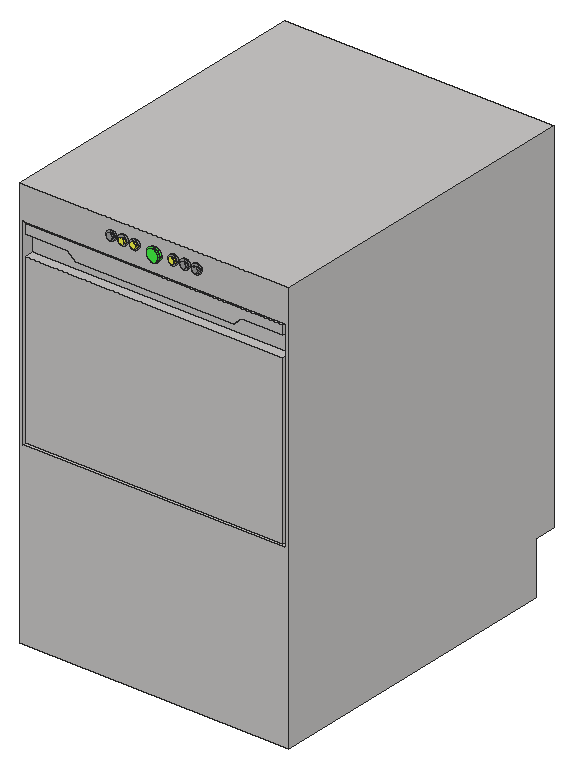
Revit family "QF_ELECTROLUXPROFESSIONAL_402203_ESIGU", category Specialty Equipment, Revit 2018
Family settings
  Round Connector Dimension = Use Diameter
  Part Type = Normal
  Work Plane-Based = No
  Always vertical = Yes
  Cut with Voids When Loaded = No
  Shared = No
  Room Calculation Point = No
Parameters
  Weight = 37.00 kg
  Watts = 0 W
  Volts = 0 V
  URL Manufacturer = ""
  URL = "http://professional.electrolux.com/"
  Steam Supply Size = 0 mm
  Steam Supply Minimum Pressure = 0.0 Pa
  Steam Supply Maximum Pressure = 0.0 Pa
  Steam Pounds per Hour = 0
  Show Logo [instance] = yes
  Show Clearance [instance] = yes
  Refrigeration Suction Line Size = 0 mm
  Refrigeration Liquid Line Size = 0 mm
  Refrigerant Compressor Remote = yes
  Manufacturer = ""
  Phase = 0
  Model = ""
  Length Actual = 460 mm  # constant formula
  Item Number = ""
  Hot Water Size = 0 mm
  Height Actual = 715 mm  # constant formula
  HP = "3.1 HP"
  Gas Size = 0 mm
  Gas KW = 0
  Gas Input Pressure = 0 W
  Direct Waste Size = 27 mm
  Description = ""
  Depth Actual = 565 mm  # constant formula
  Cycle = 0 Hz
  Condensate Return Size = 0 mm
  Compressed Air Volume = 0.0 L/s
  Compressed Air Size = 0 mm
  Compressed Air Pressure = 0.0 Pa
  Cold Water Size = 0 mm
  Accessory = yes
Types (2, lengths in mm): name | Volts | URL Manufacturer | URL | Manufacturer | Phase | Model | Item Number | Description | Cycle | Cold Water Size
  (no name) | 0 V | "" | "http://professional.electrolux.com/" | "" | 0 | "" | "" | "" | 0 Hz | 0
  Standard | 230 V | "http://professional.electrolux.com" | "http://professional.electrolux.com" | "Electrolux Professional" | 1 | "ESIGU" | "402203" | "GLASSWASHER(S) DOUBLE SKIN, DRAIN PUMP, DETERGENT DISPENSER, 30B/H-UK" | 50 Hz | 19.05
Reference planes
  plane 1 "Center (Front/Back)": y = 0
  plane 2: z = 0
  plane 3 "Center (Left/Right)": x = 0
  plane 4 "LEFT": x = -230
  plane 5 "RIGHT": x = 230
  plane 6 "FRONT": y = -282.5
  plane 7 "BACK": y = 282.5
  plane 8: x = -202.5
  plane 9: x = 202.5
  plane 10: z = 715
  plane 11: z = 10
Forms (mm)
  Extrusion 1, solid, material "QF_Finishes_Stainless Steel"
    sketch origin (0, 0, 0) x (1, 0, 0) y (0, 1, 0)
      loop
        line (-230, -282.5) -> (230, -282.5) -> (230, 243.5) -> (-230, 243.5) -> (-230, -282.5)
    from 10 to 715
  Extrusion 2, solid, material "QF_Finishes_Stainless Steel"
    sketch origin (0, 0, 0) x (1, 0, 0) y (0, 1, 0)
      loop
        line (-230, 243.5) -> (230, 243.5) -> (230, 282.5) -> (-230, 282.5) -> (-230, 243.5)
    from 100 to 715
  Extrusion 3, solid, material "QF_Finishes_Stainless Steel"
    sketch origin (0, 0, 0) x (1, 0, 0) y (0, 1, 0)
      loop
        circle (-202.5, 184.5) r 12.5
      loop
        circle (202.5, 184.5) r 12.5
      loop
        circle (-202.5, -235.5) r 12.5
      loop
        circle (202.5, -235.5) r 12.5
    from 0 to 10
  Extrusion 4, void
    sketch origin (-230, -282.5, 0) x (-1, 0, 0) y (0, 0, 1)
      loop
        line (-5, 658.217) -> (-455, 658.217) -> (-455, 315) -> (-5, 315) -> (-5, 658.217)
    from 0 to 30
  Extrusion 5, solid, material "QF_Finishes_Stainless Steel"
    sketch origin (-53, -392, 738) x (0, 0, -1) y (1, 0, 0)
      loop
        circle (693, 213) r 10
    from -635.5 to -674.5
  Extrusion 6, solid, material "QF_Door-Drawer Clearances", visible <- "Show Clearance", detail levels coarse
    sketch origin (-230, -282.5, 0) x (0, 1, 0) y (0, 0, -1)
      loop
        line (0, -315) -> (-315, -315)
        arc (-315, -315) -> (-223.2, -545.869) -> (0, -655) r 344.605
        line (0, -655) -> (0, -315)
    from -10 to -450
  Extrusion 7, solid, material "QF_Finishes_Stainless Steel"
    sketch origin (-242.481, -392, 738) x (0, 0, -1) y (1, 0, 0)
      loop
        circle (663, 322.481) r 8
    from -635.5 to -674.5
  Extrusion 8, solid, material "QF_Finishes_Green"
    sketch origin (234, -282.5, -28.75) x (-1, 0, 0) y (0, 0, -1)
      loop
        circle (234, -714.569) r 10
    from 0 to 5
  Extrusion 9, solid, material "QF_Finishes_Gray"
    sketch origin (234, -282.5, -24.375) x (-1, 0, 0) y (0, 0, -1)
      loop
        circle (306.936, -713.972) r 5
    from 0 to 5
  Extrusion 10, solid, material "QF_Finishes_Stainless Steel"
    sketch origin (-230, -282.5, 0) x (0, 1, 0) y (0, 0, -1)
      loop
        line (0, -319.622) -> (0, -605) -> (15, -605) -> (15, -655) -> (25, -655) -> (25, -319.622) -> (0, -319.622)
    from -10 to -450
  Extrusion 11, solid, material "QF_Finishes_Stainless Steel"
    sketch origin (-230, -282.5, 0) x (0, 1, 0) y (0, 0, -1)
      loop
        line (15, -655) -> (15, -652.514) -> (2.5, -652.514) -> (2.5, -626.25) -> (0, -626.25) -> (0, -655) -> (15, -655)
    from -10 to -450
  Extrusion 12, void
    sketch origin (-230, -282.5, 655) x (0, 0, 1) y (1, 0, 0)
      loop
        line (-15.552, 10) -> (-15.552, 81.607) -> (-28.75, 94.804) -> (-28.75, 10) -> (-15.552, 10)
      loop
        line (-15.552, 450) -> (-28.75, 450) -> (-28.75, 365.196) -> (-15.552, 378.393) -> (-15.552, 450)
    from 0 to 2.5
  Extrusion 13, solid, material "QF_Finishes_Stainless Steel"
    sketch origin (-328, -392, 738) x (0, 0, -1) y (1, 0, 0)
      loop
        circle (663, 228) r 8
    from -635.5 to -674.5
  Extrusion 14, solid, material "QF_Finishes_Green"
    sketch origin (-230, -282.5, 0) x (1, 0, 0) y (0, 0, 1)
      loop
        circle (230, 685.819) r 12
      loop
        circle (230, 685.819) r 10
    from 0 to 2.5
  Extrusion 15, solid, material "QF_Finishes_Gray"
    sketch origin (-210, -282.5, -28.75) x (1, 0, 0) y (0, 0, 1)
      loop
        circle (262.936, 718.347) r 8
      loop
        circle (262.936, 718.347) r 5
      loop
        circle (242.936, 718.347) r 8
      loop
        circle (242.936, 718.347) r 5
      loop
        circle (282.936, 718.347) r 8
      loop
        circle (282.936, 718.347) r 5
    from 0 to 2.5
  Extrusion 16, solid, material "QF_Finishes_Gray"
    sketch origin (-234, -282.5, -24.375) x (1, 0, 0) y (0, 0, 1)
      loop
        circle (286.936, 713.972) r 5
      loop
        circle (306.936, 713.972) r 5
    from 0 to 5
  Extrusion 17, solid, material "QF_Finishes_Gray"
    sketch origin (210, -282.5, -28.75) x (-1, 0, 0) y (0, 0, -1)
      loop
        circle (262.936, -718.347) r 8
      loop
        circle (262.936, -718.347) r 5
      loop
        circle (242.936, -718.347) r 8
      loop
        circle (242.936, -718.347) r 5
      loop
        circle (282.936, -718.347) r 8
      loop
        circle (282.936, -718.347) r 5
    from 0 to 2.5
  Extrusion 18, solid, material "QF_Finishes_Yellow"
    sketch origin (254, -282.5, -24.375) x (-1, 0, 0) y (0, 0, -1)
      loop
        circle (306.936, -713.972) r 5
    from 0 to 5
  Extrusion 19, solid, material "QF_Finishes_Yellow"
    sketch origin (274, -282.5, -24.375) x (-1, 0, 0) y (0, 0, -1)
      loop
        circle (306.936, -713.972) r 5
    from 0 to 5
  Extrusion 20, solid, material "QF_Finishes_Yellow"
    sketch origin (339.871, -282.5, -24.375) x (-1, 0, 0) y (0, 0, -1)
      loop
        circle (306.936, -713.972) r 5
    from 0 to 5
Cuts and joins
  Extrusion 4 cuts Extrusion 1
  joined: Extrusion 1, Extrusion 2
  Extrusion 12 cuts Extrusion 10
  Extrusion 12 cuts Extrusion 11
Lines and regions (mm)
  Split face 1
    outline origin (-230, -282.5, 715) x (0, 0, -1) y (1, 0, 0)
      loop
        line (35, 0) -> (35, 60) -> (49.142, 74.142) -> (49.142, 214.142) -> (11.456, 214.142)
        arc (11.456, 214.142) -> (9.82, 214.82) -> (9.142, 216.456) r 2.314
        line (9.142, 216.456) -> (9.142, 230) -> (9.142, 243.544)
        arc (9.142, 243.544) -> (9.82, 245.18) -> (11.456, 245.858) r 2.314
        line (11.456, 245.858) -> (49.142, 245.858) -> (49.142, 385.858) -> (35, 400) -> (35, 460)
      loop
        line (56.783, 5) -> (56.783, 0)
      loop
        line (56.783, 455) -> (56.783, 460)
  symbolic lines
    curve 1: line (-230, 282.5, 0) -> (230, 282.5, 0)
    curve 2: line (-230, -282.5, 0) -> (-230, 282.5, 0)
    curve 3: line (230, -282.5, 0) -> (-230, -282.5, 0)
    curve 4: line (230, 282.5, 0) -> (230, -282.5, 0)
    curve 9: line (-80.94, -285, 0) -> (-80.94, -282.5, 0)
    curve 10: line (-64.948, -285, 0) -> (-64.948, -282.5, 0)
    curve 11: line (-77.926, -287.5, 0) -> (-67.936, -287.5, 0)
    curve 12: line (-67.936, -287.5, 0) -> (-67.936, -285, 0)
    curve 13: line (-77.926, -287.5, 0) -> (-77.926, -285, 0)
    curve 14: line (-60.936, -285, 0) -> (-44.936, -285, 0)
    curve 15: line (-44.936, -285, 0) -> (-44.936, -282.5, 0)
    curve 16: line (-60.936, -285, 0) -> (-60.936, -282.5, 0)
    curve 17: line (-57.936, -287.5, 0) -> (-47.936, -287.5, 0)
    curve 18: line (-47.936, -287.5, 0) -> (-47.936, -285, 0)
    curve 19: line (-57.936, -287.5, 0) -> (-57.936, -285, 0)
    curve 20: line (-40.936, -285, 0) -> (-24.936, -285, 0)
    curve 21: line (-24.936, -285, 0) -> (-24.936, -282.5, 0)
    curve 22: line (-40.936, -285, 0) -> (-40.936, -282.5, 0)
    curve 23: line (-37.936, -287.5, 0) -> (-27.936, -287.5, 0)
    curve 24: line (-27.936, -287.5, 0) -> (-27.936, -285, 0)
    curve 25: line (-37.936, -287.5, 0) -> (-37.936, -285, 0)
    curve 26: line (24.936, -285, 0) -> (40.936, -285, 0)
    curve 27: line (40.936, -285, 0) -> (40.936, -282.5, 0)
    curve 28: line (27.936, -287.5, 0) -> (37.936, -287.5, 0)
    curve 29: line (37.936, -287.5, 0) -> (37.936, -285, 0)
    curve 30: line (27.936, -287.5, 0) -> (27.936, -285, 0)
    curve 31: line (24.936, -285, 0) -> (24.936, -282.5, 0)
    curve 32: line (-12, -285, 0) -> (12, -285, 0)
    curve 33: line (12, -285, 0) -> (12, -282.5, 0)
    curve 34: line (-12, -285, 0) -> (-12, -282.5, 0)
    curve 35: line (-10, -287.5, 0) -> (10, -287.5, 0)
    curve 36: line (10, -287.5, 0) -> (10, -285, 0)
    curve 37: line (-10, -287.5, 0) -> (-10, -285, 0)
    curve 39: line (44.936, -285, 0) -> (60.936, -285, 0)
    curve 40: line (60.936, -285, 0) -> (60.936, -282.5, 0)
    curve 41: line (47.936, -287.5, 0) -> (57.936, -287.5, 0)
    curve 42: line (57.936, -287.5, 0) -> (57.936, -285, 0)
    curve 43: line (47.936, -287.5, 0) -> (47.936, -285, 0)
    curve 44: line (44.936, -285, 0) -> (44.936, -282.5, 0)
    curve 45: line (64.936, -285, 0) -> (80.936, -285, 0)
    curve 46: line (80.936, -285, 0) -> (80.936, -282.5, 0)
    curve 47: line (67.936, -287.5, 0) -> (77.936, -287.5, 0)
    curve 48: line (77.936, -287.5, 0) -> (77.936, -285, 0)
    curve 49: line (67.936, -287.5, 0) -> (67.936, -285, 0)
    curve 50: line (64.936, -285, 0) -> (64.936, -282.5, 0)
  symbolic lines, style "QF_Door-Drawer Clearances"
    curve 5: line (-220, -597.5, 0) -> (220, -597.5, 0)
    curve 6: line (220, -597.5, 0) -> (220, -282.5, 0)
    curve 7: line (-220, -597.5, 0) -> (-220, -282.5, 0)
  symbolic lines, style "SpecialityEquipment"
    curve 8: line (-80.94, -285, 0) -> (-64.948, -285, 0)
  symbolic lines, style "SpecialityEquipmentHiddenLines"
    curve 38: line (-230, 243.5, 0) -> (230, 243.5, 0)
Dimensions and locks
  equal spacing: plane 4 "LEFT", plane 3 "Center (Left/Right)", plane 5 "RIGHT"
  equal spacing: plane 7 "BACK", plane 1 "Center (Front/Back)", plane 6 "FRONT"
  plane 7 "BACK" to plane 6 "FRONT" = 565 mm
  plane 4 "LEFT" to plane 5 "RIGHT" = 460 mm
  plane 4 "LEFT" to plane 8 = 27.5 mm
  plane 9 to plane 5 "RIGHT" = 27.5 mm
  locked: plane 11 to level at 10
  plane 4 "LEFT" to plane 3 "Center (Left/Right)" = 230 mm
  plane 10 to level = 715 mm  (x2)
  plane 8 to plane 9 = 405 mm
  level to Extrusion 13 sketch curve = 75 mm
  Extrusion 13 sketch curve to plane 4 "LEFT" = 130 mm
  level to Extrusion 5 sketch curve = 45 mm
  Extrusion 5 sketch curve to plane 4 "LEFT" = 390 mm
  Extrusion 7 sketch curve to plane 4 "LEFT" = 310 mm
  level to Extrusion 7 sketch curve = 75 mm
  locked: Extrusion 3 to cut or joined group of Extrusion 1, Extrusion 2, Extrusion 4 at 98
  Extrusion 3 to Extrusion 3 = 420 mm
  locked: plane 6 "FRONT" to Extrusion 3 at 47
  plane 9 to plane 8 = 405 mm
  plane 7 "BACK" to curve 5 = 880 mm
  cut or joined group of Extrusion 10, Extrusion 12 to cut or joined group of Extrusion 1, Extrusion 2, Extrusion 4 = 290 mm
  aligned and locked: level to plane 2
  aligned and locked: Extrusion 1 sketch curve to plane 6 "FRONT"
  aligned and locked: Extrusion 1 sketch curve to plane 4 "LEFT"
  aligned and locked: plane 5 "RIGHT" to Extrusion 1 sketch curve
  aligned and locked: Extrusion 1 to plane 11
  aligned and locked: Extrusion 2 sketch curve to Extrusion 1  (x2)
  aligned and locked: plane 7 "BACK" to Extrusion 2 sketch curve
  aligned and locked: plane 5 "RIGHT" to Extrusion 2 sketch curve
  aligned and locked: plane 11 to Extrusion 3
  aligned and locked: Extrusion 2 to Extrusion 5
  aligned and locked: Extrusion 2 to Extrusion 7
  aligned and locked: plane 7 "BACK" to Extrusion 7
  aligned and locked: plane 7 "BACK" to Extrusion 5
  aligned and locked: cut or joined group of Extrusion 11, Extrusion 12 to Extrusion 12
  aligned and locked: plane 10 to Extrusion 2
Automatic sketch dimensions
  curve 1 to plane 4 "LEFT" = 0 mm
  curve 7 to plane 6 "FRONT" = 0 mm
  curve 4 to plane 5 "RIGHT" = 0 mm
  curve 2 to plane 7 "BACK" = 0 mm
  plane 4 "LEFT" to curve 5 = 10 mm
  curve 8 to plane 6 "FRONT" = 2.5 mm
  curve 8 to plane 3 "Center (Left/Right)" = 80.94 mm
  curve 8 to curve 11 = 3.013 mm
  curve 11 to curve 11 = 9.991 mm
  curve 12 to curve 10 = 2.987 mm
  curve 8 to curve 16 = 4.013 mm
  curve 14 to curve 19 = 3 mm
  curve 17 to plane 6 "FRONT" = 5 mm
  curve 17 to curve 17 = 10 mm
  curve 18 to curve 14 = 3 mm
  curve 14 to curve 20 = 4 mm
  curve 20 to curve 25 = 3 mm
  curve 24 to plane 6 "FRONT" = 5 mm
  curve 23 to curve 24 = 10 mm
  curve 24 to curve 21 = 3 mm
  curve 34 to plane 6 "FRONT" = 2.5 mm
  curve 34 to plane 3 "Center (Left/Right)" = 12 mm
  curve 32 to curve 37 = 2 mm
  plane 3 "Center (Left/Right)" to curve 36 = 10 mm
  curve 36 to curve 33 = 2 mm
  curve 26 to plane 6 "FRONT" = 2.5 mm
  curve 32 to curve 26 = 12.936 mm
  curve 26 to curve 30 = 3 mm
  curve 28 to plane 6 "FRONT" = 5 mm
  curve 28 to curve 28 = 10 mm
  curve 29 to curve 27 = 3 mm
  curve 26 to curve 44 = 4 mm
  curve 39 to curve 43 = 3 mm
  curve 41 to plane 6 "FRONT" = 5 mm
  curve 41 to curve 41 = 10 mm
  curve 42 to curve 39 = 3 mm
  curve 39 to curve 50 = 4 mm
  curve 45 to curve 47 = 3 mm
  curve 47 to plane 6 "FRONT" = 5 mm
  curve 47 to curve 47 = 10 mm
  curve 48 to curve 45 = 3 mm
  curve 6 to plane 5 "RIGHT" = 10 mm
  curve 35 to curve 36 = 2.5 mm
  curve 11 to curve 13 = 2.5 mm
  curve 15 to plane 6 "FRONT" = 2.5 mm
  curve 20 to plane 6 "FRONT" = 2.5 mm
  curve 40 to plane 6 "FRONT" = 2.5 mm
  curve 45 to plane 6 "FRONT" = 2.5 mm
  curve 38 to plane 7 "BACK" = 39 mm
  Extrusion 1 sketch curve to plane 7 "BACK" = 39 mm
  Extrusion 3 sketch curve to plane 8 = 0 mm  (x2)
  Extrusion 3 sketch curve to plane 9 = 0 mm  (x2)
  plane 6 "FRONT" to Extrusion 3 sketch curve = 47 mm  (x2)
  Extrusion 3 sketch curve to plane 7 "BACK" = 98 mm  (x2)
  Extrusion 4 sketch curve to Extrusion 1 = 5 mm  (x2)
  Extrusion 4 sketch curve to Extrusion 1 = 305 mm
  Extrusion 4 sketch curve to Extrusion 1 = 56.783 mm
  Extrusion 6 sketch curve to plane 6 "FRONT" = 0 mm
  Extrusion 6 sketch curve to plane 6 "FRONT" = 315 mm
  plane 6 "FRONT" to Extrusion 6 sketch curve = 29.589 mm
  Extrusion 6 sketch curve to plane 10 = 60 mm
  plane 11 to Extrusion 6 sketch curve = 305 mm
  Extrusion 8 sketch curve to Extrusion 8 sketch curve = 0 mm  (x2)
  Extrusion 8 sketch curve to plane 3 "Center (Left/Right)" = 0 mm
  Extrusion 8 sketch curve to plane 10 = 29.181 mm
  plane 3 "Center (Left/Right)" to Extrusion 8 sketch curve = 10 mm
  Extrusion 9 sketch curve to Extrusion 9 sketch curve = 0 mm  (x2)
  Extrusion 9 sketch curve to plane 10 = 25.403 mm
  Extrusion 9 sketch curve to plane 3 "Center (Left/Right)" = 72.936 mm
  Extrusion 9 sketch curve to Extrusion 9 sketch curve = 5 mm
  Extrusion 10 sketch curve to plane 6 "FRONT" = 0 mm
  plane 6 "FRONT" to Extrusion 10 sketch curve = 15 mm
  Extrusion 10 sketch curve to Extrusion 10 sketch curve = 25 mm
  Extrusion 10 sketch curve to plane 10 = 60 mm
  Extrusion 10 sketch curve to Extrusion 10 sketch curve = 50 mm
  Extrusion 10 sketch curve to Extrusion 10 sketch curve = 285.378 mm
  Extrusion 11 sketch curve to plane 6 "FRONT" = 0 mm
  Extrusion 11 sketch curve to Extrusion 11 sketch curve = 2.5 mm
  Extrusion 11 sketch curve to Extrusion 11 sketch curve = 12.5 mm
  Extrusion 11 sketch curve to plane 10 = 60 mm
  Extrusion 11 sketch curve to Extrusion 11 sketch curve = 2.486 mm
  Extrusion 11 sketch curve to Extrusion 11 sketch curve = 26.264 mm
  Extrusion 12 sketch curve to Extrusion 11 = 0 mm  (x3)
  Extrusion 11 to Extrusion 12 sketch curve = 0 mm
  Extrusion 12 sketch curve to Extrusion 11 = 13.198 mm  (x2)
  Extrusion 12 sketch curve to Extrusion 11 = 71.607 mm
  Extrusion 12 sketch curve to Extrusion 12 sketch curve = 13.198 mm  (x2)
  Extrusion 12 sketch curve to Extrusion 11 = 84.804 mm
  Extrusion 14 sketch curve to Extrusion 14 sketch curve = 0 mm  (x2)
  Extrusion 1 to Extrusion 14 sketch curve = 29.181 mm
  Extrusion 1 to Extrusion 14 sketch curve = 230 mm
  Extrusion 15 sketch curve to Extrusion 15 sketch curve = 0 mm  (x8)
  plane 3 "Center (Left/Right)" to Extrusion 15 sketch curve = 32.936 mm
  Extrusion 15 sketch curve to Extrusion 15 sketch curve = 20 mm  (x2)
  Extrusion 15 sketch curve to plane 10 = 25.403 mm
  Extrusion 16 sketch curve to Extrusion 16 sketch curve = 0 mm  (x5)
  Extrusion 16 sketch curve to plane 10 = 25.403 mm
  plane 3 "Center (Left/Right)" to Extrusion 16 sketch curve = 52.936 mm
  Extrusion 16 sketch curve to Extrusion 16 sketch curve = 20 mm
  Extrusion 16 sketch curve to Extrusion 16 sketch curve = 5 mm  (x2)
  Split face 1 sketch curve to cut or joined group of Extrusion 1, Extrusion 2, Extrusion 4 = 0 mm  (x6)
  cut or joined group of Extrusion 1, Extrusion 2, Extrusion 4 to Split face 1 sketch curve = 0 mm  (x2)
  cut or joined group of Extrusion 1, Extrusion 2, Extrusion 4 to Split face 1 sketch curve = 7.641 mm  (x2)
  Split face 1 sketch curve to Split face 1 sketch curve = 14.142 mm  (x4)
  Split face 1 sketch curve to cut or joined group of Extrusion 1, Extrusion 2, Extrusion 4 = 11.456 mm  (x2)
  Split face 1 sketch curve to cut or joined group of Extrusion 1, Extrusion 2, Extrusion 4 = 9.142 mm
  Split face 1 sketch curve to cut or joined group of Extrusion 1, Extrusion 2, Extrusion 4 = 55 mm
  Split face 1 sketch curve to Split face 1 sketch curve = 140 mm
  Split face 1 sketch curve to Split face 1 sketch curve = 13.544 mm  (x2)
  Split face 1 sketch curve to cut or joined group of Extrusion 1, Extrusion 2, Extrusion 4 = 69.142 mm
  Extrusion 17 sketch curve to Extrusion 17 sketch curve = 0 mm  (x8)
  Extrusion 17 sketch curve to plane 3 "Center (Left/Right)" = 32.936 mm
  Extrusion 17 sketch curve to Extrusion 17 sketch curve = 20 mm  (x2)
  Extrusion 17 sketch curve to plane 10 = 25.403 mm
  Extrusion 18 sketch curve to Extrusion 18 sketch curve = 0 mm  (x2)
  Extrusion 18 sketch curve to plane 10 = 25.403 mm
  Extrusion 18 sketch curve to plane 3 "Center (Left/Right)" = 52.936 mm
  Extrusion 18 sketch curve to Extrusion 18 sketch curve = 5 mm
  Extrusion 19 sketch curve to Extrusion 19 sketch curve = 0 mm  (x2)
  Extrusion 19 sketch curve to plane 3 "Center (Left/Right)" = 32.936 mm
  Extrusion 19 sketch curve to plane 10 = 25.403 mm
  Extrusion 19 sketch curve to Extrusion 19 sketch curve = 5 mm
  Extrusion 20 sketch curve to Extrusion 20 sketch curve = 0 mm  (x2)
  plane 3 "Center (Left/Right)" to Extrusion 20 sketch curve = 32.936 mm
  Extrusion 20 sketch curve to plane 10 = 25.403 mm
  Extrusion 20 sketch curve to Extrusion 20 sketch curve = 5 mm
  radius of Extrusion 5 sketch curve = 10 mm
  radius of Extrusion 7 sketch curve = 8 mm
  radius of Extrusion 13 sketch curve = 8 mm
  radius of Extrusion 3 sketch curve = 12.5 mm  (x4)
  radius of Extrusion 14 sketch curve = 12 mm
  radius of Extrusion 14 sketch curve = 10 mm
  radius of Extrusion 15 sketch curve = 8 mm  (x3)
  radius of Extrusion 15 sketch curve = 5 mm  (x3)
  radius of Extrusion 17 sketch curve = 8 mm  (x3)
  radius of Extrusion 17 sketch curve = 5 mm  (x3)
Connectors
  piping at (160, 282.5, 45), diameter 20
    settings: on Extrusion 5, index 1, connector inside diameter 609.6 mm, connector length 0 mm, flow factor 0, pipe flow 0.0 L/s, pressure drop 0.0 Pa, fitting loss kfactor 0, connector angle 0.00°, fixture units 0, engagement length 0 mm, angle of deflection 0.00°, flow configuration 1, flow direction 1, fitting loss method 0, system type 16, joint type 0, gender type 0, connector reference index -1, connector utility 0, adjustable connector no, is connector primary yes, connector description "Drain"
  piping at (80, 282.5, 75), driven by "Cold Water Size"
    settings: on Extrusion 7, index 3, connector diameter 0 mm, connector inside diameter 609.6 mm, connector length 0 mm, flow factor 0, pipe flow 0.0 L/s, pressure drop 0.0 Pa, fitting loss kfactor 0, connector angle 0.00°, fixture units 0, engagement length 0 mm, angle of deflection 0.00°, flow configuration 1, flow direction 1, fitting loss method 0, system type 20, joint type 0, gender type 0, connector reference index -1, connector utility 0, adjustable connector no, is connector primary no, connector description "Cold Water Inlet"
  electrical at (-100, 282.5, 75), driven by "Volts"
    settings: on Extrusion 13, index 4, voltage 0 V, apparent load 0 VA, apparent load phase1 0 VA, apparent load phase2 0 VA, apparent load phase3 0 VA, power factor 1, load classification "Altro", number of poles 1, system type 31, power factor state 1, is connector primary yes, connector utility no, sub classification motor no, connector description "Electrical Connection"
